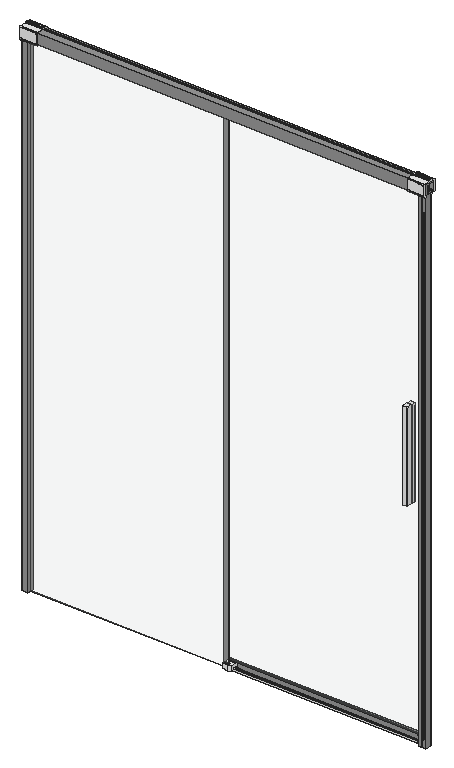
Revit family "Sanitary_Shower-screens_Duscholux_D1ModeOne_Slider-door-shower", category Aparatos sanitarios, Revit 2019
Family settings
  Cota de conector redondo = Diámetro de uso
  Tipo de pieza = Normal
  Número OmniClass = 23.45.00.00
  Título OmniClass = Sanitary, Laundry, and Cleaning Equipment
  Se basa en plano de trabajo = No
  Siempre vertical = Sí
  Corte con vacíos al cargar = No
  Compartido = No
  Punto de cálculo de habitación = No
Parameters (values of type "Platinum Aluminium Finish")
  Width = 1600 mm
  Uniclass 2015 Description = "Shower Enclosures"
  Uniclass 2015 Code = "PR-40-20-06-79"
  URL = "http://www.duscholux.es/"
  UNSPSC Code = "30181507"
  Thickness Safety Glass Sliding = 6 mm  # constant formula
  Thickness Safety Glass Fixed Panel = 6 mm  # constant formula
  Technical Inspection Certificate (Applus) = "http://www.duscholux.es/resources/custom/var/APPLUS_en.pdf"
  Sliding Door Width = (Min Max Width / 2) - 46.4 mm + 14 mm  # 767.6 mm
  Series = "D1 Mode One"
  Region South America = "Consult"
  Region Oceania = "Consult"
  Region North America = "Consult"
  Region Middle East = "Consult"
  Region Europe = "AD, ES, FR, PT"
  Region Asia = "Consult"
  Region Antartica = "Consult"
  Region Africa = "Consult"
  Ref. = "KMN"
  Products = "http://www.duscholux.es/mamparas_filtro.aspx?es"
  Product group = "Front for shower"
  Product family = "D1 Mode One"
  Optional = "Towel rail / Shelf"
  Opening System Image = "http://blob.duscholux.es/pluma512/FDIzq1f1pcorredera.gif"
  Opening System = "Sliding"
  Opening Percentage = 0
  Opening Door = ((Min Max Width / 2) - 145 mm) * Opening Percentage / 100  # 0 mm
  Net Weight (Kg) = 60
  NBS Reference Description = "Shower Enclosures"
  NBS Reference Code = "45-35-70"
  Model = ""
  Min Max Width = if(Width < 1150 mm, 1150 mm, if(Width > 2000 mm, 2000 mm, Width))  # 1600 mm
  Max Height = if(Height > 2000 mm, 2000 mm, Height)  # 2000 mm
  Manufacturer name = "Duscholux Ibérica, S.A."
  Manufacturer country = "Spain"
  Maintenance and Cleaning = "http://www.duscholux.es/mamparas_limpieza.aspx?en"
  Image = "http://www.duscholux.es/resources/custom/img/mamparas/DUSCHO%20GRAVITY/modelos/1F1PFDC/mampara_h.jpg"
  IFC Classification = "Furnishing Element"
  Height = 2000 mm
  Handle Material = Chrome_Finish
  Handle Height = Max Height / 2  # 1000 mm
  Glass in Building UNE EN 12150 = "CE Conformity marking"
  Glass Material = Glass_Material-Duscholux
  Frame Material = Platinum Aluminium Finish
  Fact Sheet = "https://duscholux.es/mamparas_d1modeone24.aspx?es"
  Fabricante = "Duscholux Ibérica, S.A."
  Environmental Management ISO 14001 = "ECOEMBES Certificate"
  Edition number = "1"
  Design country = "Spain / Germany"
  Descripción = "Front 1 fixed + 1 sliding door shower"
  Date of publishing = ""
  Código de montaje = "C1030200"
  Configuration enclosure = "https://configuratumampara.duscholux.es/modeone.detalleproducto.aspx?358,"
  Components = "Eropean components"
  Type Comments = ""
  Combinations = "Lateral 90°"
  Certified Quality UNE EN 14428 = "http://www.duscholux.es/duscholux_downloads.aspx?es"
  COBIe Type Category = ""
  Brand = "Duscholux"
  Anti-Lime Treatment = "FeelNet 3D Included"
  Accesories Material = Chrome_Finish
Types (3, lengths in mm): name | Handle Material | Frame Material | Accesories Material
  (no name) | Chrome_Finish | Platinum Aluminium Finish | Chrome_Finish
  Platinum Aluminium Finish | Chrome_Finish | Platinum Aluminium Finish | Chrome_Finish
  Black Aluminium Finish | Anodized Aluminium_Duscholux Material-Black Finish | Anodized Aluminium_Duscholux Material-Black Finish | Anodized Aluminium_Duscholux Material-Black Finish
Reference planes
  plane 1 "Centro (Frontal/Posterior)": y = 0
  plane 2: z = 0
  plane 3 "Centro (Izquierda/Derecha)": x = 0
  plane 4: y = 3
  plane 5: y = -3
  plane 6: z = 1959.85
  plane 7: z = 2000
  plane 8: x = 1600
  plane 9: x = 800
  plane 10: x = 9
  plane 11: z = 1985
  plane 12: y = 23.487
  plane 13: z = 1000
  plane 14: x = 814
  plane 15: x = 786
  plane 16: x = 1562
  plane 17: x = 1568.5
  plane 18: x = 1534
  plane 19: x = 1553.6
Forms (mm)
  Extrusion 1, solid, material "Platinum Aluminium Finish" <- "Frame Material"
    sketch origin (0, 0, 0) x (1, 0, 0) y (0, 1, 0)
      loop
        line (0, -9.5) -> (26.5, -9.5) -> (26.5, -3.3) -> (15.85, -3.3) -> (15.85, -8) -> (1.5, -8) -> (1.5, 0) -> (1.5, 12.2) -> (15.85, 12.2) -> (15.85, 3.3) -> (26.5, 3.3) -> (26.5, 13.7) -> (0, 13.7) -> (0, -9.5)
    from 0 to 1959.85
  Extrusion 2, solid, material "Platinum Aluminium Finish" <- "Frame Material"
    sketch origin (0, 0, 0) x (0, 1, 0) y (0, 0, 1)
      loop
        arc (33.069, 1997) -> (32.191, 1999.121) -> (30.069, 2000) r 3
        line (30.069, 2000) -> (21.519, 2000) -> (21.519, 1997.261) -> (11.519, 1997.261) -> (11.519, 2000) -> (-15, 2000) -> (-15, 1959.85) -> (-5.5, 1959.85) -> (-5.5, 1994) -> (0, 1994) -> (5.5, 1994) -> (5.5, 1959.85) -> (18.5, 1959.85) -> (18.5, 1963.85) -> (8.5, 1963.85) -> (8.5, 1995.261) -> (23.519, 1995.261) -> (23.519, 1998.011) -> (31.069, 1998.011) -> (31.069, 1961.861) -> (29.669, 1961.861) -> (29.669, 1959.861) -> (33.069, 1959.861) -> (33.069, 1997)
      loop
        line (-12, 1991.05) -> (-12, 1963.879) -> (-8.5, 1963.879) -> (-8.5, 1991.05) -> (-12, 1991.05)
    from 0 to 1600
  Extrusion 3, solid, material "Platinum Aluminium Finish" <- "Frame Material"
    sketch origin (653.556, 0, 0) x (-1, 0, 0) y (0, -1, 0)
      loop
        line (-946.444, 9.5) -> (-946.444, -13.7) -> (-919.944, -13.7) -> (-919.944, -3.3) -> (-930.594, -3.3) -> (-930.594, -12.2) -> (-944.944, -12.2) -> (-944.944, 0) -> (-944.944, 8) -> (-930.594, 8) -> (-930.594, 3.3) -> (-919.944, 3.3) -> (-919.944, 9.5) -> (-946.444, 9.5)
    from 0 to 1959.85
  Extrusion 4, solid, material "Platinum Aluminium Finish" <- "Frame Material"
    sketch origin (0, 0, 0) x (1, 0, 0) y (0, 1, 0)
      loop
        line (1570, 16.4) -> (1570, 28.237) -> (1562, 28.237) -> (1562, 18.737) -> (1568.5, 18.737) -> (1568.5, -2.9) -> (1596.15, -2.9) -> (1596.15, 0) -> (1596.15, 2.9) -> (1570, 2.9) -> (1570, 14.9) -> (1600, 14.9) -> (1600, 16.4) -> (1570, 16.4)
    from 0 to 1959.85
  Extrusion 5, solid, material "Glass_Material-Duscholux" <- "Glass Material"
    sketch origin (512.5, -117.763, 0) x (1, 0, 0) y (0, 1, 0)
      loop
        line (-503.5, 120.763) -> (-503.5, 114.763) -> (301.5, 114.763) -> (301.5, 120.763) -> (-503.5, 120.763)
    from 2 to 1985
  Extrusion 6, solid, material "Chrome_Finish" <- "Accesories Material", detail levels fine
    sketch origin (-44.392, 49.436, 0) x (1, 0, 0) y (0, 1, 0)
      loop
        line (838.392, -56.436) -> (860.392, -56.436) -> (873.392, -52.436) -> (873.392, -18.436) -> (838.392, -18.436) -> (838.392, -56.436)
    from 0 to 18
  Extrusion 7, void
    sketch origin (0, 0, 0) x (1, 0, 0) y (0, 1, 0)
      loop
        line (794, 3) -> (794, -3) -> (814, -3) -> (814, 3) -> (794, 3)
    from 2 to 18
  Extrusion 8, solid, material "Platinum Aluminium Finish" <- "Frame Material"
    sketch origin (200, -0.034, 0) x (1, 0, 0) y (0, 1, 0)
      loop
        line (1352.972, 27.547) -> (1349, 27.019)
        arc (1349, 27.019) -> (1348.57, 26.458) -> (1349.132, 26.028) r 0.5
        line (1349.132, 26.028) -> (1353.6, 26.622) -> (1353.6, 23.522) -> (1353.6, 20.422) -> (1349.132, 21.016)
        arc (1349.132, 21.016) -> (1348.57, 20.586) -> (1349, 20.025) r 0.5
        line (1349, 20.025) -> (1352.972, 19.497)
        arc (1352.972, 19.497) -> (1356.439, 17.322) -> (1360.531, 17.291) r 7.498
        arc (1360.531, 17.291) -> (1361.591, 18.007) -> (1362, 19.219) r 2
        line (1362, 19.219) -> (1362, 23.522) -> (1362, 27.825)
        arc (1362, 27.825) -> (1361.591, 29.037) -> (1360.531, 29.753) r 2
        arc (1360.531, 29.753) -> (1356.439, 29.722) -> (1352.972, 27.547) r 7.498
    from 0 to 1985
  Extrusion 9, void
    sketch origin (0, 0, 0) x (1, 0, 0) y (0, 1, 0)
      loop
        line (794, 27.487) -> (794, 19.487) -> (829, 19.487) -> (829, 27.487) -> (794, 27.487)
    from 2 to 18
  Extrusion 10, solid, material "Glass_Material-Duscholux" <- "Glass Material"
    sketch origin (49.241, 0, 0) x (1, 0, 0) y (0, 1, 0)
      loop
        line (1504.359, 26.987) -> (736.759, 26.987) -> (736.759, 20.987) -> (1504.359, 20.987) -> (1504.359, 26.987)
    from 3.238 to 1985
  Extrusion 11, solid, material "Chrome_Finish" <- "Accesories Material", detail levels fine
    sketch origin (0, 0, 0) x (0, 1, 0) y (0, 0, 1)
      loop
        line (11.519, 2005.435) -> (11.519, 2002.011) -> (-14, 2002.011)
        arc (-14, 2002.011) -> (-16.121, 2001.132) -> (-17, 1999.011) r 3
        line (-17, 1999.011) -> (-17, 1960.85)
        arc (-17, 1960.85) -> (-15.86, 1958.466) -> (-13.288, 1957.857) r 3.062
        line (-13.288, 1957.857) -> (-13.288, 1953.858) -> (-9.5, 1953.858) -> (-9.5, 1959.85) -> (-15, 1959.85) -> (-15, 2000) -> (30.069, 2000)
        arc (30.069, 2000) -> (32.191, 1999.121) -> (33.069, 1997) r 3
        line (33.069, 1997) -> (33.069, 1959.85) -> (14.7, 1959.85) -> (14.7, 1953.858) -> (18.488, 1953.858) -> (18.488, 1957.85) -> (32.069, 1957.85)
        arc (32.069, 1957.85) -> (34.191, 1958.729) -> (35.069, 1960.85) r 3
        line (35.069, 1960.85) -> (35.069, 1997.011)
        arc (35.069, 1997.011) -> (33.605, 2000.546) -> (30.069, 2002.011) r 5
        line (30.069, 2002.011) -> (21.49, 2002.011)
        arc (21.49, 2002.011) -> (20.786, 2004.401) -> (18.52, 2005.435) r 3
        line (18.52, 2005.435) -> (11.519, 2005.435)
    from 0 to 66.343
  Extrusion 12, solid, material "Chrome_Finish" <- "Accesories Material", detail levels fine
    sketch origin (653.556, 0, 0) x (0, 1, 0) y (0, 0, -1)
      loop
        line (11.519, -2005.435) -> (18.52, -2005.435)
        arc (18.52, -2005.435) -> (20.786, -2004.401) -> (21.49, -2002.011) r 3
        line (21.49, -2002.011) -> (30.069, -2002.011)
        arc (30.069, -2002.011) -> (33.605, -2000.546) -> (35.069, -1997.011) r 5
        line (35.069, -1997.011) -> (35.069, -1960.85)
        arc (35.069, -1960.85) -> (34.191, -1958.729) -> (32.069, -1957.85) r 3
        line (32.069, -1957.85) -> (20.188, -1957.85) -> (20.188, -1953.858) -> (16.4, -1953.858) -> (16.4, -1959.85) -> (33.069, -1959.85) -> (33.069, -1997)
        arc (33.069, -1997) -> (32.191, -1999.121) -> (30.069, -2000) r 3
        line (30.069, -2000) -> (-15, -2000) -> (-15, -1959.85) -> (-9.5, -1959.85) -> (-9.5, -1953.858) -> (-13.288, -1953.858) -> (-13.288, -1957.857)
        arc (-13.288, -1957.857) -> (-15.86, -1958.466) -> (-17, -1960.85) r 3.062
        line (-17, -1960.85) -> (-17, -1999.011)
        arc (-17, -1999.011) -> (-16.121, -2001.132) -> (-14, -2002.011) r 3
        line (-14, -2002.011) -> (11.519, -2002.011) -> (11.519, -2005.435)
    from -880.444 to -946.444
  Extrusion 13, solid, material "Plástico, transparente", detail levels fine
    sketch origin (0, 0, 0) x (0, 1, 0) y (0, 0, 1)
      loop
        line (19.487, 2) -> (27.487, 2) -> (27.487, 16.402) -> (48.009, 6.392) -> (48.009, 2.694)
        arc (48.009, 2.694) -> (48.748, 2.277) -> (49.487, 2.694) r 0.863
        line (49.487, 2.694) -> (49.487, 8.123) -> (26.761, 19.208)
        arc (26.761, 19.208) -> (26.201, 19.157) -> (25.987, 18.638) r 0.542
        line (25.987, 18.638) -> (26.237, 17.705) -> (26.237, 3.238) -> (20.737, 3.238) -> (20.737, 19.324) -> (19.487, 19.324) -> (19.487, 2)
    from 791 to 1553.6
  Extrusion 14, void
    sketch origin (0, 0, 0) x (0, 1, 0) y (0, 0, 1)
      loop
        line (31, 14.688) -> (31, 18) -> (27.487, 18) -> (27.487, 16.402) -> (31, 14.688)
    from 794 to 829
  Extrusion 15, solid, material "Chrome_Finish" <- "Accesories Material", detail levels fine
    sketch origin (0, -88.4, 0) x (0, 1, 0) y (0, 0, 1)
      loop
        line (87, 0) -> (97, 0) -> (97, 7.55)
        arc (97, 7.55) -> (96.282, 9.282) -> (94.55, 10) r 2.45
        line (94.55, 10) -> (92, 10) -> (89.45, 10)
        arc (89.45, 10) -> (87.718, 9.282) -> (87, 7.55) r 2.45
        line (87, 7.55) -> (87, 0)
    from 829 to 1568.5
  Extrusion 16, solid, material "Plástico, transparente", detail levels fine
    sketch origin (-2.798, 0, 0) x (1, 0, 0) y (0, 1, 0)
      loop
        line (793.798, 26.237) -> (793.798, 27.487) -> (787.498, 27.487) -> (787.498, 19.487) -> (792.798, 19.487) -> (792.798, 4.757) -> (793.798, 4.757) -> (793.798, 20.757) -> (788.798, 20.757) -> (788.798, 26.237) -> (793.798, 26.237)
    from 2 to 1985
Cuts and joins
  Extrusion 7 cuts Extrusion 5
  Extrusion 7, Extrusion 9, Extrusion 14 cuts Extrusion 6
Dimensions and locks
  equal spacing: plane 4, plane 1 "Centro (Frontal/Posterior)", plane 5
  "Thickness Safety Glass Fixed Panel": plane 4 to plane 5
  locked: plane 7 to plane 6 at 40.15
  equal spacing: plane 3 "Centro (Izquierda/Derecha)", plane 9, plane 8
  locked: plane 7 to plane 11 at 15
  locked: Extrusion 11 to plane 3 "Centro (Izquierda/Derecha)" at 66.343
  "Handle Height": plane 13 to level
  locked: plane 15 to plane 9 at 14
  locked: plane 9 to plane 14 at 14
  locked: plane 9 to cut or joined group of Extrusion 6, Extrusion 7, Extrusion 9, Extrusion 14 at 29
  locked: cut or joined group of Extrusion 6, Extrusion 7, Extrusion 9, Extrusion 14 to plane 9 at 6
  locked: plane 17 to plane 8 at 31.5
  locked: plane 16 to plane 8 at 38
  locked: plane 8 to plane 18 at 66
  locked: Extrusion 10 to Extrusion 13 at 5
  locked: Extrusion 16 to Extrusion 16 at 1.3
  locked: Extrusion 16 to Extrusion 16 at 1
  locked: Extrusion 16 to Extrusion 16 at 6.3
  "Sliding Door Width": Extrusion 10 to Extrusion 10
  locked: plane 19 to plane 8 at 46.4
  "Opening Door": Extrusion 10 to plane 19
  "Thickness Safety Glass Sliding": Extrusion 10 to Extrusion 10
  "Max Height": plane 7 to plane 2
  "Min Max Width": plane 3 "Centro (Izquierda/Derecha)" to plane 8
  locked: nested 2 to Extrusion 10 at 45
  aligned and locked: level to plane 2
  aligned and locked: plane 7 to Extrusion 2
  aligned and locked: Extrusion 2 to plane 6
  aligned and locked: Extrusion 1 to Extrusion 2
  aligned and locked: plane 8 to Extrusion 3
  aligned and locked: plane 8 to Extrusion 2
  aligned and locked: Extrusion 5 sketch curve to plane 4
  aligned and locked: plane 10 to Extrusion 5 sketch curve
  aligned and locked: Extrusion 5 sketch curve to plane 5
  aligned and locked: plane 11 to Extrusion 5
  aligned and locked: Extrusion 7 sketch curve to Extrusion 6
  aligned and locked: Extrusion 7 sketch curve to Extrusion 5
  aligned and locked: cut or joined group of Extrusion 6, Extrusion 7, Extrusion 9, Extrusion 14 to Extrusion 7
  aligned and locked: Extrusion 9 sketch curve to cut or joined group of Extrusion 6, Extrusion 7, Extrusion 9, Extrusion 14  (x2)
  aligned and locked: Extrusion 9 to cut or joined group of Extrusion 5, Extrusion 7
  aligned and locked: Extrusion 12 to Extrusion 4
  aligned and locked: Extrusion 14 to cut or joined group of Extrusion 6, Extrusion 7, Extrusion 9, Extrusion 14
  aligned and locked: cut or joined group of Extrusion 6, Extrusion 7, Extrusion 9, Extrusion 14 to Extrusion 14
  aligned and locked: Extrusion 15 to cut or joined group of Extrusion 6, Extrusion 7, Extrusion 9, Extrusion 14
  aligned and locked: Extrusion 15 to Extrusion 4
  aligned and locked: plane 14 to cut or joined group of Extrusion 5, Extrusion 7
  aligned and locked: Extrusion 4 to plane 16
  aligned and locked: Extrusion 4 to plane 17
  aligned and locked: plane 8 to Extrusion 12
  aligned and locked: Extrusion 12 to plane 18
  aligned and locked: Extrusion 13 to Extrusion 16
  aligned and locked: Extrusion 8 to Extrusion 10
  aligned and locked: Extrusion 13 to Extrusion 10
  aligned and locked: Extrusion 16 to Extrusion 16
  aligned and locked: Extrusion 16 to Extrusion 10  (x2)
  aligned and locked: plane 11 to Extrusion 10
  aligned and locked: Extrusion 3 to Extrusion 2
  aligned and locked: plane 11 to Extrusion 8
  aligned and locked: Extrusion 4 to Extrusion 2
  aligned and locked: nested 1 to plane 13
  aligned and locked: nested 2 to plane 13
  aligned and locked: nested 1 to nested 2
Automatic sketch dimensions
  Extrusion 1 sketch curve to plane 3 "Centro (Izquierda/Derecha)" = 0 mm
  plane 1 "Centro (Frontal/Posterior)" to Extrusion 1 sketch curve = 0 mm
  Extrusion 1 sketch curve to plane 3 "Centro (Izquierda/Derecha)" = 1.5 mm
  Extrusion 1 sketch curve to plane 10 = 6.85 mm  (x2)
  Extrusion 1 sketch curve to Extrusion 1 sketch curve = 10.65 mm
  plane 5 to Extrusion 1 sketch curve = 0.3 mm
  Extrusion 1 sketch curve to Extrusion 1 sketch curve = 0 mm
  Extrusion 1 sketch curve to plane 4 = 0.3 mm
  Extrusion 1 sketch curve to Extrusion 1 sketch curve = 1.5 mm  (x2)
  plane 5 to Extrusion 1 sketch curve = 5 mm
  Extrusion 2 sketch curve to plane 6 = 0 mm  (x2)
  Extrusion 2 sketch curve to plane 7 = 0 mm  (x2)
  Extrusion 2 sketch curve to plane 1 "Centro (Frontal/Posterior)" = 0 mm
  Extrusion 2 sketch curve to plane 5 = 2.5 mm
  Extrusion 2 sketch curve to Extrusion 2 sketch curve = 3 mm  (x3)
  Extrusion 2 sketch curve to Extrusion 2 sketch curve = 3.5 mm
  plane 4 to Extrusion 2 sketch curve = 2.5 mm
  Extrusion 2 sketch curve to Extrusion 2 sketch curve = 3.019 mm
  Extrusion 2 sketch curve to plane 12 = 0.032 mm
  plane 6 to Extrusion 2 sketch curve = 0.011 mm
  Extrusion 2 sketch curve to Extrusion 2 sketch curve = 1.4 mm
  Extrusion 2 sketch curve to Extrusion 2 sketch curve = 2 mm  (x2)
  plane 6 to Extrusion 2 sketch curve = 4 mm
  plane 6 to Extrusion 2 sketch curve = 4.029 mm
  plane 11 to Extrusion 2 sketch curve = 6.05 mm
  Extrusion 2 sketch curve to plane 7 = 6 mm
  Extrusion 2 sketch curve to plane 7 = 4.739 mm
  Extrusion 2 sketch curve to Extrusion 2 sketch curve = 2.739 mm
  Extrusion 2 sketch curve to plane 7 = 1.989 mm
  Extrusion 3 sketch curve to plane 8 = 0 mm
  plane 1 "Centro (Frontal/Posterior)" to Extrusion 3 sketch curve = 0 mm
  Extrusion 3 sketch curve to plane 8 = 1.5 mm
  Extrusion 3 sketch curve to plane 5 = 5 mm
  Extrusion 3 sketch curve to Extrusion 3 sketch curve = 14.35 mm  (x2)
  Extrusion 3 sketch curve to Extrusion 3 sketch curve = 10.65 mm
  Extrusion 3 sketch curve to plane 5 = 0.3 mm
  Extrusion 3 sketch curve to Extrusion 3 sketch curve = 0 mm
  plane 4 to Extrusion 3 sketch curve = 0.3 mm
  Extrusion 3 sketch curve to Extrusion 3 sketch curve = 1.5 mm  (x2)
  plane 1 "Centro (Frontal/Posterior)" to Extrusion 4 sketch curve = 0 mm
  Extrusion 4 sketch curve to plane 8 = 0 mm
  Extrusion 4 sketch curve to plane 4 = 0.1 mm
  Extrusion 4 sketch curve to plane 8 = 3.85 mm
  Extrusion 4 sketch curve to Extrusion 4 sketch curve = 26.15 mm
  Extrusion 4 sketch curve to Extrusion 4 sketch curve = 0 mm
  Extrusion 4 sketch curve to Extrusion 4 sketch curve = 1.5 mm  (x2)
  Extrusion 4 sketch curve to Extrusion 4 sketch curve = 8 mm
  plane 5 to Extrusion 4 sketch curve = 0.1 mm
  Extrusion 6 sketch curve to plane 5 = 0 mm
  Extrusion 6 sketch curve to plane 9 = 6 mm
  Extrusion 6 sketch curve to plane 5 = 4 mm
  Extrusion 7 sketch curve to plane 5 = 0 mm
  Extrusion 7 sketch curve to plane 4 = 0 mm
  Extrusion 8 sketch curve to Extrusion 8 sketch curve = 0 mm  (x2)
  Extrusion 8 sketch curve to Extrusion 8 sketch curve = 0.066 mm  (x4)
  Extrusion 8 sketch curve to Extrusion 8 sketch curve = 3.972 mm  (x2)
  Extrusion 8 sketch curve to Extrusion 8 sketch curve = 0.628 mm
  Extrusion 8 sketch curve to Extrusion 8 sketch curve = 4.94 mm
  Extrusion 8 sketch curve to Extrusion 8 sketch curve = 1.46 mm  (x2)
  Extrusion 8 sketch curve to Extrusion 8 sketch curve = 3.46 mm
  Extrusion 11 sketch curve to plane 6 = 0 mm  (x2)
  Extrusion 11 sketch curve to plane 7 = 0 mm
  Extrusion 11 sketch curve to plane 7 = 0.989 mm
  Extrusion 11 sketch curve to plane 5 = 14 mm
  Extrusion 11 sketch curve to Extrusion 11 sketch curve = 2 mm
  plane 7 to Extrusion 11 sketch curve = 2.011 mm  (x2)
  Extrusion 11 sketch curve to Extrusion 11 sketch curve = 1.062 mm
  Extrusion 11 sketch curve to Extrusion 11 sketch curve = 1.712 mm
  Extrusion 11 sketch curve to Extrusion 11 sketch curve = 3.788 mm  (x2)
  Extrusion 11 sketch curve to Extrusion 11 sketch curve = 0 mm
  Extrusion 11 sketch curve to plane 6 = 2 mm
  Extrusion 11 sketch curve to Extrusion 11 sketch curve = 1 mm
  plane 6 to Extrusion 11 sketch curve = 1 mm
  Extrusion 11 sketch curve to plane 6 = 5.992 mm
  Extrusion 11 sketch curve to Extrusion 11 sketch curve = 3.992 mm
  Extrusion 11 sketch curve to plane 6 = 1.993 mm
  plane 7 to Extrusion 11 sketch curve = 2.435 mm
  Extrusion 12 sketch curve to plane 6 = 0 mm  (x2)
  Extrusion 12 sketch curve to plane 7 = 0 mm
  Extrusion 12 sketch curve to plane 7 = 0.989 mm
  Extrusion 12 sketch curve to plane 5 = 14 mm
  Extrusion 12 sketch curve to Extrusion 12 sketch curve = 2 mm
  plane 7 to Extrusion 12 sketch curve = 2.011 mm  (x2)
  Extrusion 12 sketch curve to Extrusion 12 sketch curve = 1.062 mm
  Extrusion 12 sketch curve to Extrusion 12 sketch curve = 1.712 mm
  Extrusion 12 sketch curve to Extrusion 12 sketch curve = 3.788 mm
  Extrusion 12 sketch curve to Extrusion 12 sketch curve = 0 mm
  Extrusion 12 sketch curve to plane 6 = 2 mm
  Extrusion 12 sketch curve to Extrusion 12 sketch curve = 1 mm
  plane 6 to Extrusion 12 sketch curve = 1 mm  (x2)
  plane 7 to Extrusion 12 sketch curve = 2.435 mm
  Extrusion 12 sketch curve to Extrusion 12 sketch curve = 3.992 mm
  Extrusion 12 sketch curve to Extrusion 12 sketch curve = 3.999 mm
  Extrusion 13 sketch curve to Extrusion 13 sketch curve = 0.238 mm
  level to Extrusion 13 sketch curve = 6.392 mm
  Extrusion 13 sketch curve to Extrusion 13 sketch curve = 20.522 mm
  Extrusion 13 sketch curve to Extrusion 13 sketch curve = 0.739 mm
  Extrusion 13 sketch curve to Extrusion 13 sketch curve = 1.478 mm
  level to Extrusion 13 sketch curve = 3.238 mm
  level to Extrusion 13 sketch curve = 3.14 mm
  Extrusion 13 sketch curve to Extrusion 13 sketch curve = 0.446 mm
  Extrusion 13 sketch curve to Extrusion 13 sketch curve = 1.238 mm
  Extrusion 13 sketch curve to Extrusion 13 sketch curve = 1.731 mm
  Extrusion 13 sketch curve to Extrusion 13 sketch curve = 13.163 mm
  Extrusion 13 sketch curve to Extrusion 13 sketch curve = 1.303 mm
  Extrusion 13 sketch curve to Extrusion 13 sketch curve = 0.933 mm
  Extrusion 13 sketch curve to Extrusion 13 sketch curve = 0.083 mm
  Extrusion 13 sketch curve to Extrusion 13 sketch curve = 0.686 mm
  Extrusion 13 sketch curve to Extrusion 13 sketch curve = 1.25 mm  (x2)
  Extrusion 14 sketch curve to Extrusion 14 sketch curve = 3.513 mm
  level to Extrusion 14 sketch curve = 18 mm
  Extrusion 14 sketch curve to Extrusion 14 sketch curve = 1.598 mm
  Extrusion 14 sketch curve to Extrusion 14 sketch curve = 3.312 mm
  Extrusion 15 sketch curve to level = 0 mm
  Extrusion 15 sketch curve to Extrusion 15 sketch curve = 2.45 mm
  Extrusion 15 sketch curve to Extrusion 15 sketch curve = 2.55 mm  (x2)
  level to Extrusion 15 sketch curve = 7.55 mm
  Extrusion 15 sketch curve to Extrusion 15 sketch curve = 0 mm
  plane 9 to Extrusion 5 sketch curve = 14 mm
  plane 9 to Extrusion 6 sketch curve = 16 mm
  plane 9 to Extrusion 6 sketch curve = 29 mm
  Extrusion 10 sketch curve to plane 9 = 14 mm
  Extrusion 16 sketch curve to plane 15 = 0 mm
  Extrusion 16 sketch curve to plane 15 = 1.3 mm
  plane 15 to Extrusion 16 sketch curve = 4 mm
  plane 15 to Extrusion 16 sketch curve = 5 mm
  Extrusion 16 sketch curve to Extrusion 16 sketch curve = 1 mm
  Extrusion 16 sketch curve to Extrusion 16 sketch curve = 1.25 mm
  plane 4 to Extrusion 16 sketch curve = 1.757 mm
  Extrusion 1 sketch curve to Extrusion 1 sketch curve = 8.9 mm
  plane 12 to Extrusion 2 sketch curve = 4.987 mm
  plane 12 to Extrusion 2 sketch curve = 1.968 mm
  Extrusion 3 sketch curve to Extrusion 3 sketch curve = 8.9 mm
  plane 12 to Extrusion 4 sketch curve = 8.587 mm
  Extrusion 4 sketch curve to Extrusion 4 sketch curve = 2.337 mm
  Extrusion 8 sketch curve to Extrusion 8 sketch curve = 0.496 mm  (x2)
  Extrusion 8 sketch curve to Extrusion 8 sketch curve = 0.925 mm  (x2)
  Extrusion 8 sketch curve to Extrusion 8 sketch curve = 3.305 mm  (x2)
  plane 12 to Extrusion 9 sketch curve = 4 mm
  plane 12 to Extrusion 10 sketch curve = 2.5 mm
  plane 4 to Extrusion 11 sketch curve = 8.519 mm
  plane 12 to Extrusion 11 sketch curve = 8.787 mm
  plane 12 to Extrusion 11 sketch curve = 4.967 mm
  plane 12 to Extrusion 11 sketch curve = 1.998 mm
  plane 7 to Extrusion 12 sketch curve = 5.435 mm
  plane 4 to Extrusion 12 sketch curve = 8.519 mm
  plane 12 to Extrusion 12 sketch curve = 7.087 mm
  plane 12 to Extrusion 12 sketch curve = 4.967 mm
  plane 12 to Extrusion 12 sketch curve = 3.299 mm
  plane 12 to Extrusion 13 sketch curve = 2.75 mm
  plane 12 to Extrusion 16 sketch curve = 4 mm
  Extrusion 16 sketch curve to Extrusion 16 sketch curve = 1.27 mm
  Extrusion 2 sketch curve to plane 12 = 6.182 mm
  Extrusion 2 sketch curve to Extrusion 2 sketch curve = 1 mm
  Extrusion 4 sketch curve to plane 12 = 4.75 mm
  Extrusion 6 sketch curve to plane 12 = 7.513 mm
  Extrusion 8 sketch curve to Extrusion 8 sketch curve = 3.1 mm  (x2)
  Extrusion 9 sketch curve to plane 12 = 4 mm
  Extrusion 10 sketch curve to plane 12 = 3.5 mm
  Extrusion 11 sketch curve to plane 12 = 6.582 mm
  Extrusion 11 sketch curve to plane 12 = 8.582 mm
  Extrusion 12 sketch curve to plane 12 = 6.582 mm
  Extrusion 12 sketch curve to plane 12 = 8.582 mm
  Extrusion 13 sketch curve to plane 12 = 2.5 mm
  Extrusion 13 sketch curve to Extrusion 13 sketch curve = 0.25 mm
  Extrusion 13 sketch curve to Extrusion 13 sketch curve = 0.536 mm
  Extrusion 14 sketch curve to plane 12 = 4 mm
  plane 5 to Extrusion 15 sketch curve = 1.6 mm
  Extrusion 16 sketch curve to plane 12 = 2.75 mm
  Extrusion 10 sketch curve to plane 16 = 8.4 mm
  Extrusion 8 sketch curve to Extrusion 8 sketch curve = 3.027 mm
  Extrusion 8 sketch curve to Extrusion 8 sketch curve = 0.528 mm
  Extrusion 8 sketch curve to Extrusion 8 sketch curve = 0.997 mm
  Extrusion 8 sketch curve to Extrusion 8 sketch curve = 1.995 mm
  Extrusion 8 sketch curve to Extrusion 8 sketch curve = 1.519 mm
  Extrusion 8 sketch curve to plane 19 = 0 mm
  plane 12 to Extrusion 8 sketch curve = 0 mm
Nested families
  nested 1: "Handle-ext-D1" at (1508.6, 20.987, 1000) x (1, 0, 0) z (0, -1, 0), type "Handle-ext-D1", detail levels medium+fine
  nested 2: "Handle-int-D1" at (1508.6, 26.987, 1000) x (-1, 0, 0) z (0, 1, 0), type "Handle-int-D1", detail levels medium+fine
Definition of nested family "Handle-ext-D1"
  Parameters (values of type "Handle-ext-D1")
    Long. tirador = 200.6 mm
    Handle Material = none
    Espesor = 19 mm
    Default Elevation = 1219.2 mm
  Reference planes
    plane 1 "Centro (Frontal/Posterior)": y = 0
    plane 2: z = 0
    plane 3 "Centro (Izquierda/Derecha)": x = 0
    plane 4: y = 100.3
    plane 5: y = -100.3
    plane 6: x = -9.5
    plane 7: x = 9.5
    plane 8: z = 0
    plane 9: z = 18.6
  Forms (mm)
    Extrusion 1, solid
      sketch origin (0, 0, 0) x (1, 0, 0) y (0, 1, 0)
        loop
          line (-1219.2, 1219.2) -> (-1219.2, -1219.2) -> (1219.2, -1219.2) -> (1219.2, 1219.2) -> (-1219.2, 1219.2)
      from 0 to -304.8
    Extrusion 2, solid, material <- "Handle Material"
      sketch origin (0, 0, 0) x (1, 0, 0) y (0, 0, 1)
        loop
          arc (-8.537, 18.6) -> (-9.218, 18.318) -> (-9.5, 17.637) r 0.963
          line (-9.5, 17.637) -> (-9.5, 0) -> (9.5, 0) -> (9.5, 17.598)
          arc (9.5, 17.598) -> (9.207, 18.307) -> (8.498, 18.6) r 1.002
          line (8.498, 18.6) -> (-8.537, 18.6)
      from -175 to 175
  Dimensions and locks
    equal spacing: plane 4, plane 1 "Centro (Frontal/Posterior)", plane 5
    equal spacing: plane 6, plane 3 "Centro (Izquierda/Derecha)", plane 7
    "Espesor": plane 6 to plane 7
    "Long. tirador": plane 4 to plane 5
    aligned and locked: plane 2 to Extrusion 1
    aligned and locked: level to Extrusion 1
    aligned and locked: plane 9 to Extrusion 2
  Automatic sketch dimensions
    Extrusion 1 sketch curve to Extrusion 1 sketch curve = 2438.4 mm  (x2)
    Extrusion 2 sketch curve to level = 0 mm
    Extrusion 2 sketch curve to plane 6 = 0 mm
    Extrusion 2 sketch curve to plane 9 = 0 mm
    Extrusion 2 sketch curve to plane 7 = 0 mm
    plane 6 to Extrusion 2 sketch curve = 0.963 mm
    Extrusion 2 sketch curve to Extrusion 2 sketch curve = 1.002 mm
Definition of nested family "Handle-int-D1"
  Parameters (values of type "Handle-int-D1")
    Long. tirador = 200.6 mm
    Handle Material = none
    Espesor = 19 mm
    Default Elevation = 1219.2 mm
  Reference planes
    plane 1 "Centro (Frontal/Posterior)": y = 0
    plane 2: z = 0
    plane 3 "Centro (Izquierda/Derecha)": x = 0
    plane 4: y = 100.3
    plane 5: y = -100.3
    plane 6: x = -9.5
    plane 7: x = 9.5
    plane 8: z = 0
    plane 9: z = 15
  Forms (mm)
    Extrusion 1, solid
      sketch origin (0, 0, 0) x (1, 0, 0) y (0, 1, 0)
        loop
          line (-1219.2, 1219.2) -> (-1219.2, -1219.2) -> (1219.2, -1219.2) -> (1219.2, 1219.2) -> (-1219.2, 1219.2)
      from 0 to -304.8
    Extrusion 2, solid, material <- "Handle Material"
      sketch origin (0, 0, 0) x (1, 0, 0) y (0, 0, 1)
        loop
          arc (-8.497, 15) -> (-9.206, 14.706) -> (-9.5, 13.997) r 1.003
          line (-9.5, 13.997) -> (-9.5, 0) -> (9.5, 0) -> (9.5, 14.01)
          arc (9.5, 14.01) -> (9.21, 14.71) -> (8.51, 15) r 0.99
          line (8.51, 15) -> (-8.497, 15)
      from -175 to 175
  Dimensions and locks
    equal spacing: plane 4, plane 1 "Centro (Frontal/Posterior)", plane 5
    equal spacing: plane 6, plane 3 "Centro (Izquierda/Derecha)", plane 7
    "Espesor": plane 6 to plane 7
    "Long. tirador": plane 4 to plane 5
    aligned and locked: plane 2 to Extrusion 1
    aligned and locked: level to Extrusion 1
    aligned and locked: plane 9 to Extrusion 2
  Automatic sketch dimensions
    Extrusion 1 sketch curve to Extrusion 1 sketch curve = 2438.4 mm  (x2)
    Extrusion 2 sketch curve to level = 0 mm
    Extrusion 2 sketch curve to plane 6 = 0 mm
    Extrusion 2 sketch curve to plane 9 = 0 mm
    Extrusion 2 sketch curve to plane 7 = 0 mm
    plane 6 to Extrusion 2 sketch curve = 1.003 mm
    Extrusion 2 sketch curve to Extrusion 2 sketch curve = 0.99 mm
